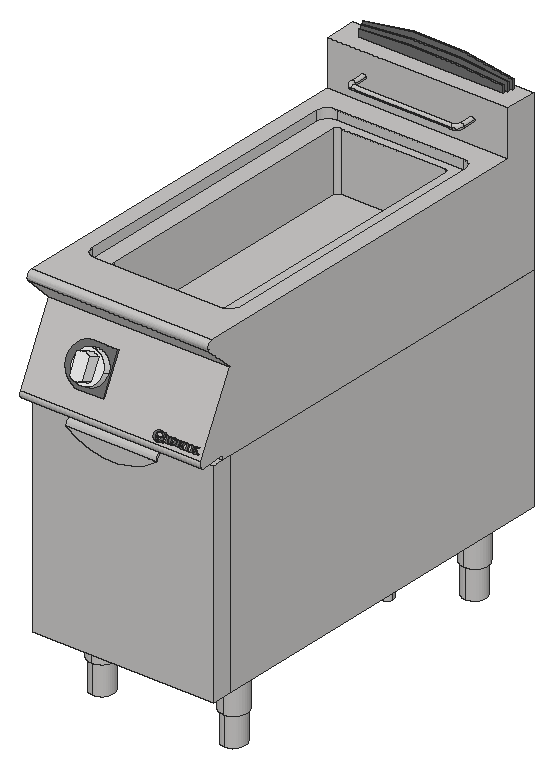
Revit family "QF_GIORIK_FE9113M", category Specialty Equipment, Revit 2014
Parameters (values of type "FE9113M")
  Weight in Pounds = 171.9604
  Watts = 12000 W
  Volts = 400 V
  URL Cutsheet = "www.giorik.com"
  URL = "www.giorik.com"
  Status [instance] = ""
  Specification by User [instance] = ""
  Specification by Manufacturer = ""
  Show Logo [instance] = yes
  Show Clearance [instance] = yes
  Serial Number = ""
  Seismic Rating = ""
  SMACNA No = ""
  Revision Code [instance] = ""
  Phase = 3
  Number of Poles [instance] = 3
  NAFEM Spec ID Number = ""
  Model = "FE9113M"
  Min Ckt Ampacity = 0 A
  Max Overcurrent Protection = 0 A
  Masterspec = ""
  Manufacturer = "GIORIK"
  Item Number [instance] = ""
  Installed By [instance] = ""
  Identify Quantity as Lot [instance] = no
  HP = "16.092240000000"
  Furnished By [instance] = ""
  Foodservice Equipment Identifier [instance] = yes
  FL Amps = 0 A
  Electrical Remarks [instance] = ""
  Electric Connection Type [instance] = ""
  Elec Conn RI Height [instance] = 0 mm
  Elec Conn Connection Height [instance] = 20 mm
  Description = "13 LITRE MELTING ELECTRIC FRYER."
  Cycle = 50 Hz
  Conn Plug = ""
  CSI MasterFormat = ""
  Assembly Code = "E1090320"
  Apparent Power = 12000 VA
Reference planes
  plane 1 "Back": y = 0
  plane 2: z = 0
  plane 3 "Left": x = 0
  plane 4 "Right": x = 400
  plane 5 "Front": y = -920
  plane 6 "Top": z = 900
Forms (mm)
  Extrusion 1, solid, visible <- "Show Logo"
    sketch origin (196.604, -936.761, 609.486) x (-1, 0, 0) y (0, 0.452718, 0.891654)
      loop
        line (-118.824, 58.358) -> (-127.804, 58.358) -> (-125.523, 56.445) -> (-125.523, 48.027) -> (-127.804, 46.113) -> (-118.824, 46.113) -> (-121.105, 48.027) -> (-121.105, 56.445) -> (-118.824, 58.358)
      loop
        line (-163.721, 58.358) -> (-172.7, 58.358) -> (-170.42, 56.445) -> (-170.42, 48.027) -> (-172.7, 46.113) -> (-163.721, 46.113) -> (-166.001, 48.027) -> (-166.001, 56.445) -> (-163.721, 58.358)
      loop
        line (-174.332, 58.358) -> (-183.312, 58.358) -> (-181.031, 56.445) -> (-181.031, 52.435) -> (-186.419, 56.955) -> (-184.416, 58.358) -> (-191.268, 58.358) -> (-188.01, 56.839) -> (-185.455, 54.283) -> (-190.846, 47.858) -> (-193.396, 46.93) -> (-193.396, 46.113) -> (-184.416, 46.113) -> (-185.437, 47.571) -> (-182.443, 51.552) -> (-181.031, 50.894) -> (-181.031, 48.027) -> (-183.312, 46.113) -> (-174.332, 46.113) -> (-176.613, 48.027) -> (-176.613, 56.445) -> (-174.332, 58.358)
      loop
        line (-115.429, 62.063) -> (-115.429, 54.198)
        arc (-115.429, 54.198) -> (-111.618, 57.803) -> (-106.847, 59.986) r 16.039
        arc (-106.847, 59.986) -> (-103.314, 59.837) -> (-100.512, 57.68) r 5.851
        arc (-100.512, 57.68) -> (-98.815, 52.267) -> (-100.512, 46.853) r 9.479
        arc (-100.512, 46.853) -> (-102.406, 44.986) -> (-104.846, 43.93) r 7.236
        arc (-104.846, 43.93) -> (-107.728, 44.111) -> (-110.052, 45.825) r 5.11
        line (-110.052, 45.825) -> (-110.052, 52.001) -> (-116.141, 52.001) -> (-116.141, 45.503) -> (-117.893, 43.751) -> (-114.094, 44.769)
        arc (-114.094, 44.769) -> (-112.56, 44.947) -> (-111.129, 44.366) r 3.115
        arc (-111.129, 44.366) -> (-104.216, 42.091) -> (-97.303, 44.366) r 11.641
        arc (-97.303, 44.366) -> (-93.396, 52.107) -> (-97.303, 59.849) r 9.622
        arc (-97.303, 59.849) -> (-104.369, 62.174) -> (-111.435, 59.849) r 11.898
        line (-111.435, 59.849) -> (-115.429, 62.063)
      loop
        arc (-129.234, 56.068) -> (-135.893, 58.628) -> (-142.552, 56.068) r 9.941
        arc (-142.552, 56.068) -> (-144.234, 52.286) -> (-142.552, 48.505) r 5.093
        arc (-142.552, 48.505) -> (-135.893, 45.945) -> (-129.234, 48.505) r 9.941
        arc (-129.234, 48.505) -> (-127.552, 52.286) -> (-129.234, 56.068) r 5.093
      loop
        arc (-132.628, 54.403) -> (-135.893, 57.668) -> (-139.158, 54.403) r 3.265
        line (-139.158, 54.403) -> (-139.158, 50.169)
        arc (-139.158, 50.169) -> (-135.893, 46.904) -> (-132.628, 50.169) r 3.265
        line (-132.628, 50.169) -> (-132.628, 54.403)
      loop
        arc (-156.363, 58.365) -> (-159.647, 55.081) -> (-156.363, 51.796) r 3.285
        line (-156.363, 51.796) -> (-159.529, 47.306) -> (-162.087, 46.113) -> (-155.847, 46.113) -> (-153.529, 51.083) -> (-150.637, 51.083) -> (-150.637, 47.784) -> (-153.022, 46.113) -> (-144.011, 46.113) -> (-146.094, 47.68) -> (-146.094, 56.493) -> (-144.229, 58.365) -> (-156.363, 58.365)
      loop
        line (-150.637, 57.512) -> (-153.637, 57.512)
        arc (-153.637, 57.512) -> (-156.237, 54.912) -> (-153.637, 52.312) r 2.6
        line (-153.637, 52.312) -> (-150.637, 52.312) -> (-150.637, 57.512)
      loop
        line (-108.924, 52.001) -> (-104.936, 49.005) -> (-100.948, 52.001) -> (-108.924, 52.001)
    from 1.5 to -0.5
  Extrusion 2, solid
    sketch origin (-16, 1025.81, 0) x (1, 0, 0) y (0, 1, 0)
      loop
        line (25, -1086.81) -> (25, -1156.81) -> (115, -1156.81) -> (115, -1086.81) -> (25, -1086.81)
    from 148 to 150
  Extrusion 3, solid
    sketch origin (-14, 0, 130) x (1, 0, 0) y (0, 1, 0)
      loop
        circle (54, -385) r 12.5
    from 0 to 20
  Extrusion 4, solid
    sketch origin (0, 800, -20) x (0, 1, 0) y (0, 0, 1)
      loop
        line (-800, 989.988) -> (-870, 989.988) -> (-870, 889.988) -> (-1688.806, 889.988)
        arc (-1688.806, 889.988) -> (-1699.151, 883.075) -> (-1696.724, 870.873) r 11.197
        line (-1696.724, 870.873) -> (-1640.876, 815.025) -> (-1718.948, 661.258)
        arc (-1718.948, 661.258) -> (-1718.233, 650.105) -> (-1708.118, 645.354) r 10.981
        line (-1708.118, 645.354) -> (-1660, 649.925) -> (-1660, 640) -> (-800, 640) -> (-800, 989.988)
    from 0 to 400
  Extrusion 5, solid
    sketch origin (0, -200, 599.536) x (1, 0, 0) y (0, 1, 0)
      loop
        line (0, -640) -> (40, -640) -> (40, 160) -> (360, 160) -> (360, -640) -> (400, -640) -> (400, 200) -> (0, 200) -> (0, -640)
    from -449.536 to 20.464
  Extrusion 6, solid
    sketch origin (0, -200, 0) x (1, 0, 0) y (0, 1, 0)
      loop
        line (40, 160) -> (40, -640) -> (360, -640) -> (360, 160) -> (40, 160)
    from 150 to 190
  Extrusion 7, solid
    sketch origin (-16, 360.81, 0) x (1, 0, 0) y (0, 1, 0)
      loop
        line (25, -1086.81) -> (25, -1156.81) -> (115, -1156.81) -> (115, -1086.81) -> (25, -1086.81)
    from 148 to 150
  Revolve 8, solid
    sketch origin (54, 360.81, 0) x (0, 1, 0) y (0, 0, 1)
      loop
        line (-1092.56, 66) -> (-1092.56, 148) -> (-1121.81, 148) -> (-1121.81, 0) -> (-1096.81, 0) -> (-1096.81, 66) -> (-1092.56, 66)
      axis (-1121.81, 0) -> (-1121.81, 148)
    angle from 0 to 360
  Revolve 9, solid
    sketch origin (54, 1025.81, 0) x (0, 1, 0) y (0, 0, 1)
      loop
        line (-1092.56, 66) -> (-1092.56, 148) -> (-1121.81, 148) -> (-1121.81, 0) -> (-1096.81, 0) -> (-1096.81, 66) -> (-1092.56, 66)
      axis (-1121.81, 0) -> (-1121.81, 148)
    angle from 0 to 360
  Extrusion 10, solid
    sketch origin (416, 360.81, 0) x (-1, 0, 0) y (0, -1, 0)
      loop
        line (25, 1086.81) -> (115, 1086.81) -> (115, 1156.81) -> (25, 1156.81) -> (25, 1086.81)
    from 148 to 150
  Revolve 11, solid
    sketch origin (346, 360.81, 0) x (0, 1, 0) y (0, 0, -1)
      loop
        line (-1092.56, -66) -> (-1096.81, -66) -> (-1096.81, 0) -> (-1121.81, 0) -> (-1121.81, -148) -> (-1092.56, -148) -> (-1092.56, -66)
      axis (-1121.81, 0) -> (-1121.81, -148)
    angle from 0 to 360
  Extrusion 12, solid
    sketch origin (416, -1217.81, 0) x (-1, 0, 0) y (0, -1, 0)
      loop
        line (25, -1086.81) -> (25, -1156.81) -> (115, -1156.81) -> (115, -1086.81) -> (25, -1086.81)
    from 148 to 150
  Revolve 13, solid
    sketch origin (346, -1217.81, 0) x (0, -1, 0) y (0, 0, 1)
      loop
        line (-1092.56, 66) -> (-1092.56, 148) -> (-1121.81, 148) -> (-1121.81, 0) -> (-1096.81, 0) -> (-1096.81, 66) -> (-1092.56, 66)
      axis (-1121.81, 0) -> (-1121.81, 148)
    angle from 0 to 360
  Extrusion 14, solid
    sketch origin (-293.221, -1163.345, 52.363) x (1, 0, 0) y (0, 0.452718, 0.891654)
      loop
        line (463.221, 676.25) -> (463.221, 766.25) -> (409.698, 766.25)
        arc (409.698, 766.25) -> (364.698, 721.25) -> (409.698, 676.25) r 45
        line (409.698, 676.25) -> (463.221, 676.25)
    from 48 to 50
  Extrusion 15, solid
    sketch origin (481.331, -1208.697, 74.959) x (-1, 0, 0) y (0, -0.45351, -0.891251)
      loop
        circle (351.331, -721.346) r 35
    from 0 to 15
  Extrusion 16, solid
    sketch origin (481.331, -1208.697, 74.959) x (-1, 0, 0) y (0, -0.45351, -0.891251)
      loop
        arc (336.331, -743.846) -> (351.331, -748.846) -> (366.331, -743.846) r 25
        line (366.331, -743.846) -> (366.331, -698.846)
        arc (366.331, -698.846) -> (351.331, -693.846) -> (336.331, -698.846) r 25
        line (336.331, -698.846) -> (336.331, -743.846)
    from 15 to 40
  Extrusion 17, solid
    sketch origin (-94, 0, 59.999) x (1, 0, 0) y (0, 0, 1)
      loop
        line (135, 909.989) -> (453, 909.989) -> (453, 925.527) -> (347.056, 931.749) -> (240.944, 931.749) -> (135, 925.527) -> (135, 909.989)
    from 32 to 35
  Extrusion 18, solid
    sketch origin (-92, 10, 59.999) x (1, 0, 0) y (0, 0, 1)
      loop
        line (454, 909.989) -> (454, 928.527) -> (346.162, 939.193) -> (237.838, 939.193) -> (130, 928.527) -> (130, 909.989) -> (454, 909.989)
    from 32 to 35
  Extrusion 19, solid
    sketch origin (-90, 20, 59.999) x (1, 0, 0) y (0, 0, 1)
      loop
        line (455, 909.989) -> (455, 930.527) -> (345.396, 947.413) -> (234.604, 947.413) -> (125, 930.527) -> (125, 909.989) -> (455, 909.989)
    from 32 to 35
  Extrusion 20, void
    sketch origin (0, -200, 819.988) x (0, 1, 0) y (-1, 0, 0)
      loop
        arc (80, -60) -> (72.678, -42.322) -> (55, -35) r 25
        line (55, -35) -> (-565.002, -35)
        arc (-565.002, -35) -> (-582.68, -42.322) -> (-590.002, -60) r 25
        line (-590.002, -60) -> (-590.002, -340)
        arc (-590.002, -340) -> (-582.68, -357.678) -> (-565.002, -365) r 25
        line (-565.002, -365) -> (55, -365)
        arc (55, -365) -> (72.678, -357.678) -> (80, -340) r 25
        line (80, -340) -> (80, -60)
    from -100 to 50
  Extrusion 21, solid
    sketch origin (0, -200, 900) x (0, 1, 0) y (-1, 0, 0)
      loop
        arc (80, -60) -> (72.678, -42.322) -> (55, -35) r 25
        line (55, -35) -> (-565.002, -35)
        arc (-565.002, -35) -> (-582.68, -42.322) -> (-590.002, -60) r 25
        line (-590.002, -60) -> (-590.002, -340)
        arc (-590.002, -340) -> (-582.68, -357.678) -> (-565.002, -365) r 25
        line (-565.002, -365) -> (55, -365)
        arc (55, -365) -> (72.678, -357.678) -> (80, -340) r 25
        line (80, -340) -> (80, -60)
      loop
        arc (60, -85.011) -> (57.071, -77.94) -> (50, -75.011) r 10
        line (50, -75.011) -> (-555.002, -75.011)
        arc (-555.002, -75.011) -> (-562.073, -77.94) -> (-565.002, -85.011) r 10
        line (-565.002, -85.011) -> (-565.002, -315)
        arc (-565.002, -315) -> (-562.073, -322.071) -> (-555.002, -325) r 10
        line (-555.002, -325) -> (50, -325)
        arc (50, -325) -> (57.071, -322.071) -> (60, -315) r 10
        line (60, -315) -> (60, -85.011)
    from -180.012 to -50
  Extrusion 22, solid
    sketch origin (0, -925, 0) x (1, 0, 0) y (0, 0, 1)
      loop
        line (0, 620) -> (0, 150) -> (400, 150) -> (400, 620) -> (0, 620)
    from -85 to -40
  Extrusion 23, solid
    sketch origin (0, -925, -20.1) x (0, 1, 0) y (0, 0, 1)
      loop
        arc (25, 640.1) -> (14.393, 635.707) -> (10, 625.1) r 15
        line (10, 625.1) -> (12, 625.1)
        arc (12, 625.1) -> (15.808, 634.292) -> (25, 638.1) r 13
        line (25, 638.1) -> (40, 638.1) -> (40, 640.1) -> (25, 640.1)
    from 97.5 to 297.5
  Extrusion 24, solid
    sketch origin (0, -924.905, -20.1) x (1, 0, 0) y (0, 0, 1)
      loop
        arc (97.5, 625.1) -> (197.5, 590.089) -> (297.5, 625.1) r 160.316
        line (297.5, 625.1) -> (97.5, 625.1)
    from -11.905 to -9.905
  Extrusion 25, solid, visible <- "Show Clearance", detail levels coarse
    sketch origin (395, -925, 0) x (-1, 0, 0) y (0, -1, 0)
      loop
        line (-5, -40) -> (395, -40)
        arc (395, -40) -> (277.534, 241.069) -> (-5, 354.968) r 395
        line (-5, 354.968) -> (-5, -40)
    from 150 to 620
  Extrusion 26, solid
    sketch origin (0, 0, 100) x (0, 1, 0) y (-1, 0, 0)
      loop
        circle (-380, -380) r 12.5
    from 30 to 50
  Sweep 27, solid
    path origin (0, 0, 919.988) x (0, 1, 0) y (-1, 0, 0)
      loop
        line (-70, -80) -> (-100, -80)
        arc (-100, -80) -> (-107.071, -82.929) -> (-110, -90) r 10
        line (-110, -90) -> (-110, -310)
        arc (-110, -310) -> (-107.071, -317.071) -> (-100, -320) r 10
        line (-100, -320) -> (-70, -320)
    profile origin (80, -85, 919.988) x (1, 0, 0) y (0, 0, 1)
      loop
        circle (0, 0) r 5
Cuts and joins
  Extrusion 20 cuts Extrusion 4
Lines and regions (mm)
  symbolic lines, style "200-EquipBorder-2D"
    curve 1: line (0, -920, 0) -> (400, -920, 0)
    curve 2: line (400, -920, 0) -> (400, 0, 0)
    curve 3: line (400, 0, 0) -> (0, 0, 0)
    curve 4: line (0, 0, 0) -> (0, -920, 0)
  symbolic lines, style "200-EquipInternal-2D"
    curve 5: line (35, -12, 900) -> (365, -12, 900)
    curve 6: line (365, -12, 900) -> (365, -15, 900)
    curve 7: line (365, -15, 900) -> (35, -15, 900)
    curve 8: line (35, -15, 900) -> (35, -12, 900)
    curve 9: line (38, -22, 900) -> (362, -22, 900)
    curve 10: line (362, -22, 900) -> (362, -25, 900)
    curve 11: line (362, -25, 900) -> (38, -25, 900)
    curve 12: line (38, -25, 900) -> (38, -22, 900)
    curve 13: line (41, -32, 900) -> (359, -32, 900)
    curve 14: line (359, -32, 900) -> (359, -35, 900)
    curve 15: line (359, -35, 900) -> (41, -35, 900)
    curve 16: line (41, -35, 900) -> (41, -32, 900)
    curve 17: line (340, -120, 900) -> (60, -120, 900)
    curve 18: arc (60, -120, 900) -> (42.322, -127.322, 900) -> (35, -145, 900) r 25
    curve 19: line (35, -145, 900) -> (35, -765, 900)
    curve 20: arc (365, -145, 900) -> (357.678, -127.322, 900) -> (340, -120, 900) r 25
    curve 21: arc (340, -790, 900) -> (357.633, -782.723, 900) -> (365, -765.128, 900) r 25
    curve 22: line (60, -790, 900) -> (340, -790, 900)
    curve 23: arc (35, -765, 900) -> (42.322, -782.678, 900) -> (60, -790, 900) r 25
    curve 24: line (365, -765.128, 900) -> (365, -145, 900)
    curve 27: line (85, -140, 900) -> (315, -140, 900)
    curve 28: line (325, -150, 900) -> (325, -755.002, 900)
    curve 29: line (75, -755.002, 900) -> (75, -150, 900)
    curve 30: line (315, -765.002, 900) -> (85, -765.002, 900)
    curve 31: arc (85, -140, 900) -> (77.929, -142.929, 900) -> (75, -150, 900) r 10
    curve 32: arc (315, -140, 900) -> (322.071, -142.929, 900) -> (325, -150, 900) r 10
    curve 33: arc (75, -755.002, 900) -> (77.929, -762.073, 900) -> (85, -765.002, 900) r 10
    curve 34: arc (315, -765.002, 900) -> (322.071, -762.073, 900) -> (325, -755.002, 900) r 10
    curve 35: line (75, -70, 900) -> (75, -99.667, 900)
    curve 36: line (85, -100, 900) -> (85, -70, 900)
    curve 37: line (89.989, -104.989, 900) -> (310.238, -104.989, 900)
    curve 38: line (315, -100.227, 900) -> (315, -70, 900)
    curve 39: line (325, -70, 900) -> (325, -100.301, 900)
    curve 40: line (310.301, -115, 900) -> (90.333, -115, 900)
    curve 41: arc (90.333, -115, 900) -> (79.491, -110.509, 900) -> (75, -99.667, 900) r 15.333
    curve 42: arc (85, -100, 900) -> (86.461, -103.528, 900) -> (89.989, -104.989, 900) r 4.989
    curve 43: arc (310.301, -115, 900) -> (320.695, -110.695, 900) -> (325, -100.301, 900) r 14.699
    curve 44: arc (315, -100.227, 900) -> (313.605, -103.594, 900) -> (310.238, -104.989, 900) r 4.762
    curve 45: line (0, -70, 900) -> (400, -70, 900)
  symbolic lines, style "QF_Door-Drawer Clearances", visible <- "Show Clearance", detail levels coarse
    curve 25: arc (400, -1279.968, 0) -> (130.204, -1178.101, 0) -> (1.554, -920, 0) r 395
    curve 26: line (400, -920, 0) -> (400, -1279.968, 0)
Dimensions and locks
  plane 3 "Left" to plane 4 "Right" = 400 mm
  plane 5 "Front" to plane 1 "Back" = 920 mm
  plane 4 "Right" to plane 3 "Left" = 400 mm
  plane 1 "Back" to plane 5 "Front" = 920 mm
  plane 6 "Top" to level = 900 mm  (x2)
  aligned and locked: level to plane 2
Connectors
  electrical at (380, -380, 130), driven by "Apparent Power", driven by "Volts", driven by "Number of Poles"
    settings: on Extrusion 26, index 1, voltage 400 V, apparent load 0 VA, apparent load phase1 12000 VA, apparent load phase2 0 VA, apparent load phase3 0 VA, power factor 1, load classification "Other", number of poles 3, system type 31, power factor state 1, is connector primary yes, connector utility no, sub classification motor no, connector description "Electrical connection"
